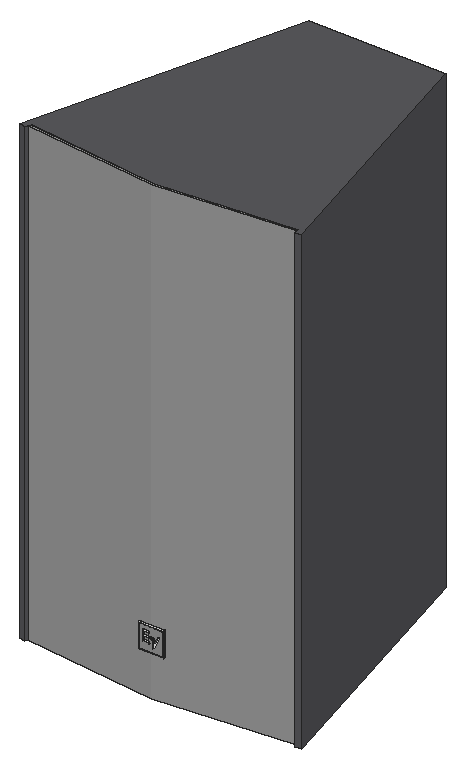
Revit family "EVF-1151S ", category Communication Devices, Revit 2017
Family settings
  Maintain Annotation Orientation = Yes
  Round Connector Dimension = Use Diameter
  Part Type = Normal
  OmniClass Number = 23.85.10.11.11.21
  OmniClass Title = Speakers
  Work Plane-Based = Yes
  Always vertical = Yes
  Cut with Voids When Loaded = No
  Shared = No
  Room Calculation Point = No
Parameters (values of type "EVF1151SBLB_Black_1X15_Subwoofer_System")
  Version = "1"
  Uniclass2015Code = "Pr_60_75_08_02"
  URL = ""
  ProductInformation = "https://www.electrovoice.com/binary/EVF-1151S_Engineering_Data_Sheet.PDF"
  PlanningTools = "https://www.electrovoice.com/product.php?id=962#downloads"
  ModelNumber = "F.01U.272.550"
  Model = ""
  MaterialRALColour = "RAL9004"
  ManufacturerURL = "https://www.electrovoice.com"
  Manufacturer = "Electro Voice"
  LoudspeakerMaterial [instance] = 13-plyWeather-resistantBirchEVCoat -RAL9004
  GrillMaterial [instance] = 16GA Powder-coatedGalvanneal - B
  FrontLength = 469.84 mm  # constant formula
  Default Elevation = 0.00 mm
  CTN = "EVF1151SBLB"
  BackLength = 228.60 mm  # constant formula
  InstallationManual = "https://www.electrovoice.com/binary/EVF-1151S_Engineering_Data_Sheet.PDF"
  IfcExportType = "IfcBuildingElementProxyType"
  IfcExportAs = "IfcBuildingElementProxy"
  Height = 768.55 mm  # constant formula
  Disclaimer = "http://resource.boschsecurity.com/information/BIM/Disclaimer_Electrovoice.pdf"
  Description = "EVS15SB 381mm LF Transducer. 103 dB Sensitivity, 135 dB Maximum SPL. System Rating: 400W Continuous, (1600W Peak). (22) M10 Threaded Suspension Points"
  Depth = 466.57 mm  # constant formula
  ArchitectsAndEngineersSpecs = "https://www.electrovoice.com/binary/EVF-1151S_Engineering_Data_Sheet.PDF"
Reference planes
  plane 1 "Center (Front/Back)": y = 0
  plane 2: z = 0
  plane 3 "Center (Left/Right)": x = 0
Forms (mm)
  Extrusion 1, solid
    sketch origin (-218.808, 253.121, 151.949) x (0, 0, 1) y (0, -1, 0)
      loop
        line (-20.634, 250.621) -> (-5.289, 250.621) -> (-5.289, 253.121) -> (-20.634, 253.121) -> (-20.634, 250.621)
    from 217.781 to 244.634
  Extrusion 2, solid, material "16GA Powder-coatedGalvanneal - B" <- "GrillMaterial", detail levels medium+fine
    sketch origin (-0.165, -226.499, 0) x (1, 0, 0) y (0, 1, 0)
      loop
        line (-222.477, -216.478) -> (-223.774, -221.318)
        arc (-223.774, -221.318) -> (0.165, -243.208) -> (224.104, -221.318) r 1156.427
        line (224.104, -221.318) -> (222.807, -216.478)
        arc (222.807, -216.478) -> (0.165, -238.208) -> (-222.477, -216.478) r 1151.427
    from 0 to 768.55
  Extrusion 3, solid, material "13-plyWeather-resistantBirchEVCoat -RAL9004" <- "LoudspeakerMaterial"
    sketch origin (24.276, -254.036, 0) x (-1, 0, 0) y (0, -1, 0)
      loop
        line (-90.024, -254.036) -> (138.576, -254.036) -> (259.333, 196.636)
        arc (259.333, 196.636) -> (254.425, 197.639) -> (249.512, 198.621) r 1161.427
        line (249.512, 198.621) -> (246.918, 188.94)
        arc (246.918, 188.94) -> (24.276, 210.671) -> (-198.367, 188.94) r 1151.427
        line (-198.367, 188.94) -> (-200.961, 198.621)
        arc (-200.961, 198.621) -> (-205.873, 197.639) -> (-210.781, 196.636) r 1161.427
        line (-210.781, 196.636) -> (-90.024, -254.036)
    from 0 to 768.55
Lines and regions (mm)
  model lines, not visible, detail levels fine
    curve 1: circle (-148.073, 312.274, 0) r 11.11 normal (0, 0, 1)
    curve 2: circle (-148.073, 312.274, 0) r 11.06 normal (0, 0, 1)
    curve 3: circle (-148.073, 312.274, 0) r 8.06 normal (0, 0, 1)
    curve 4: circle (0.015, 265.209, 0) r 11.11 normal (0, 0, 1)
    curve 5: circle (0.015, 265.209, 0) r 11.06 normal (0, 0, 1)
    curve 6: circle (0.015, 265.209, 0) r 8.06 normal (0, 0, 1)
    curve 7: circle (0.015, 37.855, 0) r 11.11 normal (0, 0, 1)
    curve 8: circle (0.015, 37.855, 0) r 11.06 normal (0, 0, 1)
    curve 9: circle (0.015, 37.855, 0) r 8.06 normal (0, 0, 1)
    curve 10: circle (-82.155, 65.035, 0) r 11.11 normal (0, 0, 1)
    curve 11: circle (-82.155, 65.035, 0) r 11.06 normal (0, 0, 1)
    curve 12: circle (-82.155, 65.035, 0) r 8.06 normal (0, 0, 1)
    curve 13: line (-105.991, 7.671, 0) -> (106.016, 7.671, 0)
    curve 41: line (-222.628, 442.966, 0) -> (-105.991, 7.671, 0)
    curve 42: line (222.653, 442.966, 0) -> (106.016, 7.671, 0)
    curve 45: circle (148.098, 312.274, 0) r 11.11 normal (0, 0, -1)
    curve 46: circle (148.098, 312.274, 0) r 11.06 normal (0, 0, -1)
    curve 47: circle (148.098, 312.274, 0) r 8.06 normal (0, 0, -1)
    curve 48: circle (82.179, 65.035, 0) r 11.11 normal (0, 0, -1)
    curve 49: circle (82.179, 65.035, 0) r 11.06 normal (0, 0, -1)
    curve 50: circle (82.179, 65.035, 0) r 8.06 normal (0, 0, -1)
    curve 83: circle (-0.006, -0.043, 728.55) r 12 normal (0, -1, 0)
    curve 84: circle (-0.006, -0.043, 40) r 12 normal (0, -1, 0)
    curve 85: circle (-0.006, -0.043, 40) r 8 normal (0, -1, 0)
    curve 86: circle (-0.006, -0.043, 728.55) r 8 normal (0, -1, 0)
    curve 87: circle (-144.82, -113.904, 728.55) r 12 normal (0.9659, -0.2588, 0)
    curve 88: circle (-144.82, -113.904, 728.55) r 8 normal (0.9659, -0.2588, 0)
    curve 89: circle (-144.82, -113.904, 40) r 12 normal (0.9659, -0.2588, 0)
    curve 90: circle (-144.82, -113.904, 40) r 8 normal (0.9659, -0.2588, 0)
    curve 91: circle (-123.682, -35.016, 659.275) r 6 normal (-0.9659, 0.2588, 0)
    curve 92: circle (-123.682, -35.016, 659.275) r 8 normal (-0.9659, 0.2588, 0)
    curve 93: circle (-123.682, -35.016, 109.275) r 6 normal (0.9659, -0.2588, 0)
    curve 94: circle (-123.682, -35.016, 109.275) r 8 normal (0.9659, -0.2588, 0)
    curve 95: circle (-123.682, -35.016, 296.775) r 6 normal (0.9659, -0.2588, 0)
    curve 96: circle (-123.682, -35.016, 296.775) r 8 normal (0.9659, -0.2588, 0)
    curve 97: circle (-123.682, -35.016, 471.775) r 6 normal (-0.9659, 0.2588, 0)
    curve 98: circle (-123.682, -35.016, 471.775) r 8 normal (-0.9659, 0.2588, 0)
    curve 99: circle (-197.446, -310.305, 728.55) r 12 normal (0.9659, -0.2588, 0)
    curve 100: circle (-197.446, -310.305, 728.55) r 8 normal (0.9659, -0.2588, 0)
    curve 101: circle (-197.446, -310.305, 40) r 12 normal (0.9659, -0.2588, 0)
    curve 102: circle (-197.446, -310.305, 40) r 8 normal (0.9659, -0.2588, 0)
    curve 103: circle (144.82, -113.904, 728.55) r 12 normal (0.9659, 0.2588, 0)
    curve 104: circle (144.82, -113.904, 728.55) r 8 normal (0.9659, 0.2588, 0)
    curve 105: circle (144.82, -113.904, 40) r 12 normal (0.9659, 0.2588, 0)
    curve 106: circle (144.82, -113.904, 40) r 8 normal (0.9659, 0.2588, 0)
    curve 107: circle (123.682, -35.016, 659.275) r 6 normal (-0.9659, -0.2588, 0)
    curve 108: circle (123.682, -35.016, 659.275) r 8 normal (-0.9659, -0.2588, 0)
    curve 109: circle (123.682, -35.016, 109.275) r 6 normal (0.9659, 0.2588, 0)
    curve 110: circle (123.682, -35.016, 109.275) r 8 normal (0.9659, 0.2588, 0)
    curve 111: circle (123.682, -35.016, 296.775) r 6 normal (0.9659, 0.2588, 0)
    curve 112: circle (123.682, -35.016, 296.775) r 8 normal (0.9659, 0.2588, 0)
    curve 113: circle (123.682, -35.016, 471.775) r 6 normal (-0.9659, -0.2588, 0)
    curve 114: circle (123.682, -35.016, 471.775) r 8 normal (-0.9659, -0.2588, 0)
    curve 115: circle (197.446, -310.305, 728.55) r 12 normal (0.9659, 0.2588, 0)
    curve 116: circle (197.446, -310.305, 728.55) r 8 normal (0.9659, 0.2588, 0)
    curve 117: circle (197.446, -310.305, 40) r 12 normal (0.9659, 0.2588, 0)
    curve 118: circle (197.446, -310.305, 40) r 8 normal (0.9659, 0.2588, 0)
  model lines, detail levels fine
    curve 14: circle (-0.006, -0.043, 728.55) r 12 normal (0, -1, 0)
    curve 15: circle (-0.006, -0.043, 40) r 12 normal (0, -1, 0)
    curve 16: circle (-0.006, -0.043, 40) r 8 normal (0, -1, 0)
    curve 17: circle (-0.006, -0.043, 728.55) r 8 normal (0, -1, 0)
    curve 18: circle (-148.086, -312.277, 768.55) r 11.11 normal (0, 0, -1)
    curve 19: circle (-148.086, -312.277, 768.55) r 11.06 normal (0, 0, -1)
    curve 20: circle (-148.086, -312.277, 768.55) r 8.06 normal (0, 0, -1)
    curve 21: circle (0.003, -265.212, 768.55) r 11.11 normal (0, 0, -1)
    curve 22: circle (0.003, -265.212, 768.55) r 11.06 normal (0, 0, -1)
    curve 23: circle (0.003, -265.212, 768.55) r 8.06 normal (0, 0, -1)
    curve 24: circle (0.003, -37.857, 768.55) r 11.11 normal (0, 0, -1)
    curve 25: circle (0.003, -37.857, 768.55) r 11.06 normal (0, 0, -1)
    curve 26: circle (0.003, -37.857, 768.55) r 8.06 normal (0, 0, -1)
    curve 27: circle (-82.167, -65.037, 768.55) r 11.11 normal (0, 0, -1)
    curve 28: circle (-82.167, -65.037, 768.55) r 11.06 normal (0, 0, -1)
    curve 29: circle (-82.167, -65.037, 768.55) r 8.06 normal (0, 0, -1)
    curve 30: line (-106.003, -7.673, 768.55) -> (106.003, -7.673, 768.55)
    curve 31: line (-222.64, -442.968, 768.55) -> (-106.003, -7.673, 768.55)
    curve 32: line (222.64, -442.968, 768.55) -> (106.003, -7.673, 768.55)
    curve 35: circle (148.086, -312.277, 768.55) r 11.11 normal (0, 0, 1)
    curve 36: circle (148.086, -312.277, 768.55) r 11.06 normal (0, 0, 1)
    curve 37: circle (148.086, -312.277, 768.55) r 8.06 normal (0, 0, 1)
    curve 38: circle (82.167, -65.037, 768.55) r 11.11 normal (0, 0, 1)
    curve 39: circle (82.167, -65.037, 768.55) r 11.06 normal (0, 0, 1)
    curve 40: circle (82.167, -65.037, 768.55) r 8.06 normal (0, 0, 1)
    curve 51: circle (-144.82, -113.904, 728.55) r 12 normal (0.9659, -0.2588, 0)
    curve 52: circle (-144.82, -113.904, 728.55) r 8 normal (0.9659, -0.2588, 0)
    curve 53: circle (-144.82, -113.904, 40) r 12 normal (0.9659, -0.2588, 0)
    curve 54: circle (-144.82, -113.904, 40) r 8 normal (0.9659, -0.2588, 0)
    curve 55: circle (-123.682, -35.016, 659.275) r 6 normal (-0.9659, 0.2588, 0)
    curve 56: circle (-123.682, -35.016, 659.275) r 8 normal (-0.9659, 0.2588, 0)
    curve 57: circle (-123.682, -35.016, 109.275) r 6 normal (0.9659, -0.2588, 0)
    curve 58: circle (-123.682, -35.016, 109.275) r 8 normal (0.9659, -0.2588, 0)
    curve 59: circle (-123.682, -35.016, 296.775) r 6 normal (0.9659, -0.2588, 0)
    curve 60: circle (-123.682, -35.016, 296.775) r 8 normal (0.9659, -0.2588, 0)
    curve 61: circle (-123.682, -35.016, 471.775) r 6 normal (-0.9659, 0.2588, 0)
    curve 62: circle (-123.682, -35.016, 471.775) r 8 normal (-0.9659, 0.2588, 0)
    curve 63: circle (-197.446, -310.305, 728.55) r 12 normal (0.9659, -0.2588, 0)
    curve 64: circle (-197.446, -310.305, 728.55) r 8 normal (0.9659, -0.2588, 0)
    curve 65: circle (-197.446, -310.305, 40) r 12 normal (0.9659, -0.2588, 0)
    curve 66: circle (-197.446, -310.305, 40) r 8 normal (0.9659, -0.2588, 0)
    curve 67: circle (144.82, -113.904, 728.55) r 12 normal (0.9659, 0.2588, 0)
    curve 68: circle (144.82, -113.904, 728.55) r 8 normal (0.9659, 0.2588, 0)
    curve 69: circle (144.82, -113.904, 40) r 12 normal (0.9659, 0.2588, 0)
    curve 70: circle (144.82, -113.904, 40) r 8 normal (0.9659, 0.2588, 0)
    curve 71: circle (123.682, -35.016, 659.275) r 6 normal (-0.9659, -0.2588, 0)
    curve 72: circle (123.682, -35.016, 659.275) r 8 normal (-0.9659, -0.2588, 0)
    curve 73: circle (123.682, -35.016, 109.275) r 6 normal (0.9659, 0.2588, 0)
    curve 74: circle (123.682, -35.016, 109.275) r 8 normal (0.9659, 0.2588, 0)
    curve 75: circle (123.682, -35.016, 296.775) r 6 normal (0.9659, 0.2588, 0)
    curve 76: circle (123.682, -35.016, 296.775) r 8 normal (0.9659, 0.2588, 0)
    curve 77: circle (123.682, -35.016, 471.775) r 6 normal (-0.9659, -0.2588, 0)
    curve 78: circle (123.682, -35.016, 471.775) r 8 normal (-0.9659, -0.2588, 0)
    curve 79: circle (197.446, -310.305, 728.55) r 12 normal (0.9659, 0.2588, 0)
    curve 80: circle (197.446, -310.305, 728.55) r 8 normal (0.9659, 0.2588, 0)
    curve 81: circle (197.446, -310.305, 40) r 12 normal (0.9659, 0.2588, 0)
    curve 82: circle (197.446, -310.305, 40) r 8 normal (0.9659, 0.2588, 0)
  model lines, style "InvisibleLines"
    curve 33: line (-114.3, 0, 0) -> (-106.003, -7.673, 0)
    curve 34: line (114.3, 0, 0) -> (106.003, -7.673, 0)
  model lines, style "InvisibleLines", not visible
    curve 43: line (-114.288, -0.002, -768.55) -> (-105.991, 7.671, -768.55)
    curve 44: line (114.312, -0.002, -768.55) -> (106.016, 7.671, -768.55)
  reference lines
    curve 119: line (235.053, -450.047, 0) -> (235.053, -451.047, 0)
    curve 120: line (-234.787, -449.808, 0) -> (-234.787, -450.808, 0)
Dimensions and locks
  locked: Extrusion 3 to Extrusion 3 at 768.55
  "Height": Extrusion 2 to Extrusion 3
  "BackLength": curve 33 to curve 34
  equal spacing: curve 33, plane 3 "Center (Left/Right)", Extrusion 3
  "Depth": Extrusion 3 to curve 33
  "FrontLength": curve 120 to curve 119
  aligned and locked: plane 2 to level
Automatic sketch dimensions
  curve 14 to curve 17 = 0.00 mm  (x4)
  curve 17 to curve 16 = 0.00 mm
  curve 17 to curve 16 = 688.55 mm
  curve 15 to curve 16 = 0.00 mm  (x2)
  Extrusion 1 sketch curve to plane 1 "Center (Front/Back)" = 0.00 mm
  level to Extrusion 1 sketch curve = 131.315 mm
  Extrusion 1 sketch curve to Extrusion 1 sketch curve = 15.346 mm
  Extrusion 1 sketch curve to plane 1 "Center (Front/Back)" = 2.50 mm
  plane 3 "Center (Left/Right)" to Extrusion 2 sketch curve = 0.00 mm
  plane 3 "Center (Left/Right)" to Extrusion 2 sketch curve = 222.642 mm
  Extrusion 2 sketch curve to Extrusion 2 sketch curve = 1.297 mm  (x2)
  plane 1 "Center (Front/Back)" to Extrusion 2 sketch curve = 447.817 mm
  Extrusion 2 sketch curve to Extrusion 2 sketch curve = 0.00 mm  (x3)
  Extrusion 3 sketch curve to Extrusion 3 sketch curve = 0.00 mm  (x4)
  plane 1 "Center (Front/Back)" to Extrusion 3 sketch curve = 0.00 mm
  Extrusion 3 sketch curve to plane 3 "Center (Left/Right)" = 0.00 mm
  plane 3 "Center (Left/Right)" to Extrusion 3 sketch curve = 114.30 mm
  plane 3 "Center (Left/Right)" to Extrusion 3 sketch curve = 222.642 mm
  Extrusion 3 sketch curve to Extrusion 3 sketch curve = 2.594 mm  (x2)
  Extrusion 3 sketch curve to Extrusion 3 sketch curve = 9.821 mm  (x2)
  Extrusion 3 sketch curve to plane 3 "Center (Left/Right)" = 114.30 mm
  plane 1 "Center (Front/Back)" to Extrusion 3 sketch curve = 442.977 mm
  Extrusion 3 sketch curve to Extrusion 3 sketch curve = 7.695 mm  (x2)
  Extrusion 3 sketch curve to plane 3 "Center (Left/Right)" = 222.642 mm
  Extrusion 3 sketch curve to Extrusion 3 sketch curve = 1.985 mm
  Extrusion 2 sketch curve to Extrusion 2 sketch curve = 4.841 mm
  Extrusion 2 sketch curve to plane 1 "Center (Front/Back)" = 686.72 mm
  curve 33 to curve 33 = 8.297 mm
  curve 33 to curve 34 = 212.006 mm
  curve 34 to curve 34 = 8.297 mm
  curve 33 to curve 34 = 0.00 mm
  curve 34 to curve 34 = 7.673 mm
  curve 33 to curve 33 = 7.673 mm
  curve 18 to curve 19 = 0.00 mm  (x3)
  curve 18 to curve 20 = 0.00 mm  (x4)
  curve 19 to curve 20 = 0.00 mm  (x3)
  curve 21 to curve 22 = 0.00 mm  (x4)
  curve 21 to curve 23 = 0.00 mm  (x4)
  curve 24 to curve 25 = 0.00 mm  (x4)
  curve 24 to curve 26 = 0.00 mm  (x4)
  curve 27 to curve 28 = 0.00 mm  (x4)
  curve 27 to curve 29 = 0.00 mm  (x4)
  curve 35 to curve 36 = 0.00 mm  (x4)
  curve 35 to curve 37 = 0.00 mm  (x4)
  curve 38 to curve 39 = 0.00 mm  (x4)
  curve 38 to curve 40 = 0.00 mm  (x4)
  curve 18 to curve 31 = 42.082 mm
  curve 30 to curve 29 = 23.836 mm
  curve 27 to curve 21 = 82.17 mm
  curve 27 to curve 26 = 82.17 mm
  curve 24 to curve 39 = 82.164 mm
  curve 38 to curve 32 = 23.836 mm
  curve 20 to curve 35 = 0.00 mm
  curve 21 to curve 38 = 200.174 mm
  curve 21 to curve 27 = 200.174 mm
  curve 38 to curve 26 = 27.18 mm
  curve 27 to curve 30 = 57.364 mm
  curve 31 to curve 18 = 74.555 mm
  curve 35 to curve 32 = 74.555 mm
  curve 31 to curve 18 = 130.691 mm
  curve 32 to curve 35 = 130.691 mm
  curve 22 to curve 23 = 0.00 mm  (x2)
  curve 25 to curve 26 = 0.00 mm  (x2)
  curve 28 to curve 29 = 0.00 mm  (x2)
  curve 36 to curve 37 = 0.00 mm  (x2)
  curve 39 to curve 40 = 0.00 mm  (x2)
  curve 21 to curve 35 = 148.083 mm
  curve 35 to curve 22 = 47.065 mm
  curve 43 to curve 43 = 8.297 mm
  curve 43 to curve 44 = 212.006 mm
  curve 44 to curve 44 = 8.297 mm
  curve 43 to curve 44 = 0.00 mm
  curve 44 to curve 44 = 7.673 mm
  curve 43 to curve 43 = 7.673 mm
  curve 1 to curve 2 = 0.00 mm  (x3)
  curve 1 to curve 3 = 0.00 mm  (x4)
  curve 2 to curve 3 = 0.00 mm  (x3)
  curve 4 to curve 5 = 0.00 mm  (x4)
  curve 4 to curve 6 = 0.00 mm  (x4)
  curve 7 to curve 8 = 0.00 mm  (x4)
  curve 7 to curve 9 = 0.00 mm  (x4)
  curve 10 to curve 11 = 0.00 mm  (x4)
  curve 10 to curve 12 = 0.00 mm  (x4)
  curve 45 to curve 46 = 0.00 mm  (x4)
  curve 45 to curve 47 = 0.00 mm  (x4)
  curve 48 to curve 49 = 0.00 mm  (x4)
  curve 48 to curve 50 = 0.00 mm  (x4)
  curve 1 to curve 41 = 42.082 mm
  curve 13 to curve 12 = 23.836 mm
  curve 10 to curve 4 = 82.17 mm
  curve 10 to curve 9 = 82.17 mm
  curve 7 to curve 49 = 82.164 mm
  curve 48 to curve 42 = 23.836 mm
  curve 3 to curve 45 = 0.00 mm
  curve 48 to curve 4 = 200.174 mm
  curve 10 to curve 4 = 200.174 mm
  curve 9 to curve 48 = 27.18 mm
  curve 13 to curve 10 = 57.364 mm
  curve 41 to curve 1 = 74.555 mm
  curve 45 to curve 42 = 74.555 mm
  curve 1 to curve 41 = 130.691 mm
  curve 45 to curve 42 = 130.691 mm
  curve 5 to curve 6 = 0.00 mm  (x2)
  curve 8 to curve 9 = 0.00 mm  (x2)
  curve 11 to curve 12 = 0.00 mm  (x2)
  curve 46 to curve 47 = 0.00 mm  (x2)
  curve 49 to curve 50 = 0.00 mm  (x2)
  curve 4 to curve 45 = 148.083 mm
  curve 5 to curve 45 = 47.065 mm
  curve 51 to curve 52 = 0.00 mm  (x2)
  curve 53 to curve 54 = 0.00 mm  (x2)
  curve 55 to curve 56 = 0.00 mm  (x2)
  curve 57 to curve 58 = 0.00 mm  (x2)
  curve 59 to curve 60 = 0.00 mm  (x2)
  curve 61 to curve 62 = 0.00 mm  (x2)
  curve 63 to curve 64 = 0.00 mm  (x2)
  curve 65 to curve 66 = 0.00 mm  (x2)
  curve 65 to curve 63 = 0.00 mm
  curve 66 to curve 54 = 203.329 mm
  curve 64 to curve 52 = 203.329 mm
  curve 54 to curve 60 = 81.671 mm
  curve 61 to curve 59 = 0.00 mm
  curve 54 to curve 57 = 81.671 mm
  curve 52 to curve 56 = 81.671 mm
  curve 64 to curve 51 = 0.00 mm
  curve 52 to curve 56 = 69.275 mm
  curve 55 to curve 61 = 187.50 mm
  curve 61 to curve 59 = 175.00 mm
  curve 59 to curve 57 = 187.50 mm
  curve 57 to curve 53 = 69.275 mm
  curve 65 to curve 53 = 0.00 mm
  curve 67 to curve 68 = 0.00 mm  (x2)
  curve 69 to curve 70 = 0.00 mm  (x2)
  curve 71 to curve 72 = 0.00 mm  (x2)
  curve 73 to curve 74 = 0.00 mm  (x2)
  curve 75 to curve 76 = 0.00 mm  (x2)
  curve 77 to curve 78 = 0.00 mm  (x2)
  curve 79 to curve 80 = 0.00 mm  (x2)
  curve 81 to curve 82 = 0.00 mm  (x2)
  curve 81 to curve 79 = 0.00 mm
  curve 82 to curve 70 = 203.329 mm
  curve 80 to curve 68 = 203.329 mm
  curve 70 to curve 76 = 81.671 mm
  curve 77 to curve 75 = 0.00 mm
  curve 70 to curve 73 = 81.671 mm
  curve 68 to curve 72 = 81.671 mm
  curve 69 to curve 82 = 0.00 mm
  curve 70 to curve 73 = 69.275 mm
  curve 73 to curve 75 = 187.50 mm
  curve 75 to curve 77 = 175.00 mm
  curve 77 to curve 71 = 187.50 mm
  curve 71 to curve 80 = 69.275 mm
  curve 71 to curve 68 = 69.275 mm
  curve 83 to curve 86 = 0.00 mm  (x4)
  curve 86 to curve 85 = 0.00 mm
  curve 86 to curve 85 = 688.55 mm
  curve 84 to curve 85 = 0.00 mm  (x2)
  curve 87 to curve 88 = 0.00 mm  (x2)
  curve 89 to curve 90 = 0.00 mm  (x2)
  curve 91 to curve 92 = 0.00 mm  (x2)
  curve 93 to curve 94 = 0.00 mm  (x2)
  curve 95 to curve 96 = 0.00 mm  (x2)
  curve 97 to curve 98 = 0.00 mm  (x2)
  curve 99 to curve 100 = 0.00 mm  (x2)
  curve 101 to curve 102 = 0.00 mm  (x2)
  curve 101 to curve 99 = 0.00 mm
  curve 102 to curve 90 = 203.329 mm
  curve 100 to curve 88 = 203.329 mm
  curve 90 to curve 96 = 81.671 mm
  curve 97 to curve 95 = 0.00 mm
  curve 90 to curve 93 = 81.671 mm
  curve 88 to curve 92 = 81.671 mm
  curve 100 to curve 87 = 0.00 mm
  curve 88 to curve 92 = 69.275 mm
  curve 91 to curve 97 = 187.50 mm
  curve 97 to curve 95 = 175.00 mm
  curve 95 to curve 93 = 187.50 mm
  curve 93 to curve 89 = 69.275 mm
  curve 101 to curve 89 = 0.00 mm
  curve 103 to curve 104 = 0.00 mm  (x2)
  curve 105 to curve 106 = 0.00 mm  (x2)
  curve 107 to curve 108 = 0.00 mm  (x2)
  curve 109 to curve 110 = 0.00 mm  (x2)
  curve 111 to curve 112 = 0.00 mm  (x2)
  curve 113 to curve 114 = 0.00 mm  (x2)
  curve 115 to curve 116 = 0.00 mm  (x2)
  curve 117 to curve 118 = 0.00 mm  (x2)
  curve 117 to curve 115 = 0.00 mm
  curve 118 to curve 106 = 203.329 mm
  curve 116 to curve 104 = 203.329 mm
  curve 106 to curve 112 = 81.671 mm
  curve 113 to curve 111 = 0.00 mm
  curve 106 to curve 109 = 81.671 mm
  curve 104 to curve 108 = 81.671 mm
  curve 105 to curve 118 = 0.00 mm
  curve 106 to curve 109 = 69.275 mm
  curve 109 to curve 111 = 187.50 mm
  curve 111 to curve 113 = 175.00 mm
  curve 113 to curve 107 = 187.50 mm
  curve 107 to curve 116 = 69.275 mm
  curve 107 to curve 104 = 69.275 mm
  plane 1 "Center (Front/Back)" to curve 119 = 451.047 mm
  curve 119 to curve 119 = 1.00 mm
  curve 120 to plane 3 "Center (Left/Right)" = 234.787 mm
  plane 1 "Center (Front/Back)" to curve 120 = 450.808 mm
  curve 120 to curve 120 = 1.00 mm
  radius of curve 17 = 8.00 mm
  radius of curve 14 = 12.00 mm
  radius of curve 16 = 8.00 mm
  radius of curve 15 = 12.00 mm
  radius of curve 18 = 11.11 mm
  radius of curve 19 = 11.06 mm
  radius of curve 20 = 8.06 mm
  radius of curve 21 = 11.11 mm
  radius of curve 22 = 11.06 mm
  radius of curve 23 = 8.06 mm
  radius of curve 24 = 11.11 mm
  radius of curve 25 = 11.06 mm
  radius of curve 26 = 8.06 mm
  radius of curve 27 = 11.11 mm
  radius of curve 28 = 11.06 mm
  radius of curve 29 = 8.06 mm
  radius of curve 35 = 11.11 mm
  radius of curve 36 = 11.06 mm
  radius of curve 37 = 8.06 mm
  radius of curve 38 = 11.11 mm
  radius of curve 39 = 11.06 mm
  radius of curve 40 = 8.06 mm
  radius of curve 1 = 11.11 mm
  radius of curve 2 = 11.06 mm
  radius of curve 3 = 8.06 mm
  radius of curve 4 = 11.11 mm
  radius of curve 5 = 11.06 mm
  radius of curve 6 = 8.06 mm
  radius of curve 7 = 11.11 mm
  radius of curve 8 = 11.06 mm
  radius of curve 9 = 8.06 mm
  radius of curve 10 = 11.11 mm
  radius of curve 11 = 11.06 mm
  radius of curve 12 = 8.06 mm
  radius of curve 45 = 11.11 mm
  radius of curve 46 = 11.06 mm
  radius of curve 47 = 8.06 mm
  radius of curve 48 = 11.11 mm
  radius of curve 49 = 11.06 mm
  radius of curve 50 = 8.06 mm
  radius of curve 51 = 12.00 mm
  radius of curve 52 = 8.00 mm
  radius of curve 53 = 12.00 mm
  radius of curve 54 = 8.00 mm
  radius of curve 55 = 6.00 mm
  radius of curve 56 = 8.00 mm
  radius of curve 57 = 6.00 mm
  radius of curve 58 = 8.00 mm
  radius of curve 59 = 6.00 mm
  radius of curve 60 = 8.00 mm
  radius of curve 61 = 6.00 mm
  radius of curve 62 = 8.00 mm
  radius of curve 63 = 12.00 mm
  radius of curve 64 = 8.00 mm
  radius of curve 65 = 12.00 mm
  radius of curve 66 = 8.00 mm
  radius of curve 67 = 12.00 mm
  radius of curve 68 = 8.00 mm
  radius of curve 69 = 12.00 mm
  radius of curve 70 = 8.00 mm
  radius of curve 71 = 6.00 mm
  radius of curve 72 = 8.00 mm
  radius of curve 73 = 6.00 mm
  radius of curve 74 = 8.00 mm
  radius of curve 75 = 6.00 mm
  radius of curve 76 = 8.00 mm
  radius of curve 77 = 6.00 mm
  radius of curve 78 = 8.00 mm
  radius of curve 79 = 12.00 mm
  radius of curve 80 = 8.00 mm
  radius of curve 81 = 12.00 mm
  radius of curve 82 = 8.00 mm
  radius of curve 86 = 8.00 mm
  radius of curve 83 = 12.00 mm
  radius of curve 85 = 8.00 mm
  radius of curve 84 = 12.00 mm
  radius of curve 87 = 12.00 mm
  radius of curve 88 = 8.00 mm
  radius of curve 89 = 12.00 mm
  radius of curve 90 = 8.00 mm
  radius of curve 91 = 6.00 mm
  radius of curve 92 = 8.00 mm
  radius of curve 93 = 6.00 mm
  radius of curve 94 = 8.00 mm
  radius of curve 95 = 6.00 mm
  radius of curve 96 = 8.00 mm
  radius of curve 97 = 6.00 mm
  radius of curve 98 = 8.00 mm
  radius of curve 99 = 12.00 mm
  radius of curve 100 = 8.00 mm
  radius of curve 101 = 12.00 mm
  radius of curve 102 = 8.00 mm
  radius of curve 103 = 12.00 mm
  radius of curve 104 = 8.00 mm
  radius of curve 105 = 12.00 mm
  radius of curve 106 = 8.00 mm
  radius of curve 107 = 6.00 mm
  radius of curve 108 = 8.00 mm
  radius of curve 109 = 6.00 mm
  radius of curve 110 = 8.00 mm
  radius of curve 111 = 6.00 mm
  radius of curve 112 = 8.00 mm
  radius of curve 113 = 6.00 mm
  radius of curve 114 = 8.00 mm
  radius of curve 115 = 12.00 mm
  radius of curve 116 = 8.00 mm
  radius of curve 117 = 12.00 mm
  radius of curve 118 = 8.00 mm
Nested families
  nested 1: "InputPanelV" at (0.031, 0.022, 51.922), LoudspeakerMaterial <- "LoudspeakerMaterial", type "InputPanelV", detail levels medium+fine
    with LoudspeakerMaterial 13-plyWeather-resistantBirchEVCoat -RAL9004
  nested 2: "L-EV" at (0, -469.455, 88.55), type "L-EV", detail levels medium+fine
Connectors
  electrical at (12.4, 2.5, 138.988)
    settings: on Extrusion 1, index 2, voltage 0 V, apparent load 0 VA, apparent load phase1 0 VA, apparent load phase2 0 VA, apparent load phase3 0 VA, power factor 1, load classification "Other", number of poles 1, system type 31, power factor state 1, is connector primary yes, connector utility no, sub classification motor no, connector description ""
Definition of nested family "InputPanelV"
  Parameters (values of type "InputPanelV")
    Material = "RAL9004"
    LoudspeakerMaterial [instance] = none
    Default Elevation = 1219.20 mm
  Reference planes
    plane 1 "Center (Front/Back)": y = 0
    plane 2: z = 0
    plane 3 "Center (Left/Right)": x = 0
  Forms (mm)
    Extrusion 1, solid, material <- "LoudspeakerMaterial", not visible
      sketch origin (-134.089, -0.5, 42.57) x (0, 0, -1) y (1, 0, 0)
        loop
          arc (-236.652, 198.043) -> (-237.266, 197.789) -> (-237.521, 197.174) r 0.869
          line (-237.521, 197.174) -> (-237.521, 70.264)
          arc (-237.521, 70.264) -> (-237.266, 69.649) -> (-236.652, 69.395) r 0.869
          line (-236.652, 69.395) -> (41.701, 69.395)
          arc (41.701, 69.395) -> (42.316, 69.649) -> (42.57, 70.264) r 0.869
          line (42.57, 70.264) -> (42.57, 197.174)
          arc (42.57, 197.174) -> (42.316, 197.789) -> (41.701, 198.043) r 0.869
          line (41.701, 198.043) -> (-236.652, 198.043)
      from 0 to -0.5
    Extrusion 2, solid, material <- "LoudspeakerMaterial", detail levels medium+fine
      sketch origin (-61.076, 0, 141.306) x (0, 0, -1) y (1, 0, 0)
        loop
          line (134.909, 125.031) -> (-132.479, 125.031)
          arc (-132.479, 125.031) -> (-136.938, 123.184) -> (-138.785, 118.724) r 6.306
          line (-138.785, 118.724) -> (-138.785, 2.656)
          arc (-138.785, 2.656) -> (-137.145, -1.571) -> (-133.106, -3.618) r 6.306
          line (-133.106, -3.618) -> (134.923, -3.618)
          arc (134.923, -3.618) -> (139.382, -1.771) -> (141.229, 2.689) r 6.306
          line (141.229, 2.689) -> (141.215, 118.725)
          arc (141.215, 118.725) -> (139.367, 123.184) -> (134.909, 125.031) r 6.306
        loop
          line (-32, 109) -> (-119, 109)
          arc (-119, 109) -> (-122.536, 107.536) -> (-124, 104) r 5
          line (-124, 104) -> (-124, 18.073)
          arc (-124, 18.073) -> (-122.536, 14.537) -> (-119, 13.073) r 5
          line (-119, 13.073) -> (-32, 13.068)
          arc (-32, 13.068) -> (-28.464, 14.537) -> (-27, 18.073) r 5
          line (-27, 18.073) -> (-27, 104)
          arc (-27, 104) -> (-28.464, 107.536) -> (-32, 109) r 5
        loop
          line (121.931, 109) -> (-17.996, 109)
          arc (-17.996, 109) -> (-21.532, 107.536) -> (-22.996, 104) r 5
          line (-22.996, 104) -> (-22.996, 18.073)
          arc (-22.996, 18.073) -> (-21.532, 14.537) -> (-17.996, 13.073) r 5
          line (-17.996, 13.073) -> (121.931, 13.068)
          arc (121.931, 13.068) -> (125.466, 14.537) -> (126.931, 18.073) r 5
          line (126.931, 18.073) -> (126.931, 104)
          arc (126.931, 104) -> (125.466, 107.536) -> (121.931, 109) r 5
        loop
          circle (-131.217, 117.431) r 2.623
        loop
          circle (-43.03, 117.431) r 2.623
        loop
          circle (45.408, 117.431) r 2.623
        loop
          circle (133.136, 117.431) r 2.623
        loop
          circle (-131.469, 3.695) r 2.623
        loop
          circle (-43.281, 3.695) r 2.623
        loop
          circle (45.157, 3.695) r 2.623
        loop
          circle (132.885, 3.695) r 2.623
      from 0 to 10
    Extrusion 3, solid, material <- "LoudspeakerMaterial", detail levels fine
      sketch origin (-61.076, 0, 141.306) x (0, 0, -1) y (1, 0, 0)
        loop
          arc (-17.996, 109) -> (-21.532, 107.536) -> (-22.996, 104) r 5
          line (-22.996, 104) -> (-22.996, 18.073)
          arc (-22.996, 18.073) -> (-21.53, 14.535) -> (-17.996, 13.068) r 5
          line (-17.996, 13.068) -> (121.931, 13.073)
          arc (121.931, 13.073) -> (125.466, 14.537) -> (126.931, 18.073) r 5
          line (126.931, 18.073) -> (126.931, 104)
          arc (126.931, 104) -> (125.466, 107.536) -> (121.931, 109) r 5
          line (121.931, 109) -> (-17.996, 109)
        loop
          line (54.039, 97.778) -> (-7.991, 97.77)
          arc (-7.991, 97.77) -> (-8.799, 96.096) -> (-10.285, 94.977) r 3.948
          line (-10.285, 94.977) -> (-10.277, 26.4)
          arc (-10.277, 26.4) -> (-8.791, 25.282) -> (-7.981, 23.608) r 3.948
          line (-7.981, 23.608) -> (54.048, 23.615)
          arc (54.048, 23.615) -> (57.907, 26.731) -> (61.766, 23.616) r 3.948
          line (61.766, 23.616) -> (111.183, 23.622)
          arc (111.183, 23.622) -> (111.992, 25.297) -> (113.478, 26.415) r 3.948
          line (113.478, 26.415) -> (113.47, 94.993)
          arc (113.47, 94.993) -> (111.984, 96.11) -> (111.174, 97.785) r 3.948
          line (111.174, 97.785) -> (61.757, 97.779)
          arc (61.757, 97.779) -> (57.899, 94.663) -> (54.039, 97.778) r 3.948
        loop
          circle (57.898, 98.611) r 1.593
        loop
          circle (57.898, 22.673) r 1.593
        loop
          circle (114.809, 98.611) r 1.593
        loop
          circle (114.809, 22.673) r 1.593
        loop
          circle (-11.512, 98.611) r 1.593
        loop
          circle (-11.512, 22.673) r 1.593
      from 7.5 to 5
    Extrusion 4, solid, material <- "LoudspeakerMaterial", detail levels fine
      sketch origin (-61.076, -5, 141.306) x (0, 0, -1) y (1, 0, 0)
        loop
          arc (-136.087, 111.908) -> (-136.669, 111.554) -> (-136.853, 110.898) r 0.929
          line (-136.853, 110.898) -> (-130.706, 110.884)
          arc (-130.706, 110.884) -> (-126.61, 112.865) -> (-124.668, 116.98) r 6.83
          line (-124.668, 116.98) -> (-124.689, 123.07)
          arc (-124.689, 123.07) -> (-125.343, 122.884) -> (-125.696, 122.302) r 0.93
          line (-125.696, 122.302) -> (-125.681, 117.428)
          arc (-125.681, 117.428) -> (-127.297, 113.511) -> (-131.213, 111.895) r 5.516
          line (-131.213, 111.895) -> (-136.087, 111.908)
        loop
          line (-136.087, 9.439) -> (-131.213, 9.451)
          arc (-131.213, 9.451) -> (-127.297, 7.835) -> (-125.681, 3.918) r 5.516
          line (-125.681, 3.918) -> (-125.696, -0.955)
          arc (-125.696, -0.955) -> (-125.343, -1.537) -> (-124.689, -1.723) r 0.93
          line (-124.689, -1.723) -> (-124.668, 4.366)
          arc (-124.668, 4.366) -> (-126.61, 8.481) -> (-130.706, 10.463) r 6.83
          line (-130.706, 10.463) -> (-136.853, 10.449)
          arc (-136.853, 10.449) -> (-136.669, 9.793) -> (-136.087, 9.439) r 0.929
        loop
          line (138.516, 111.908) -> (133.643, 111.895)
          arc (133.643, 111.895) -> (129.726, 113.511) -> (128.11, 117.428) r 5.516
          line (128.11, 117.428) -> (128.125, 122.302)
          arc (128.125, 122.302) -> (127.773, 122.884) -> (127.118, 123.07) r 0.93
          line (127.118, 123.07) -> (127.098, 116.98)
          arc (127.098, 116.98) -> (129.04, 112.865) -> (133.136, 110.884) r 6.83
          line (133.136, 110.884) -> (139.283, 110.898)
          arc (139.283, 110.898) -> (139.098, 111.554) -> (138.516, 111.908) r 0.929
        loop
          arc (138.516, 9.439) -> (139.098, 9.793) -> (139.283, 10.449) r 0.929
          line (139.283, 10.449) -> (133.136, 10.463)
          arc (133.136, 10.463) -> (129.04, 8.481) -> (127.098, 4.366) r 6.83
          line (127.098, 4.366) -> (127.118, -1.723)
          arc (127.118, -1.723) -> (127.773, -1.537) -> (128.125, -0.955) r 0.93
          line (128.125, -0.955) -> (128.11, 3.918)
          arc (128.11, 3.918) -> (129.726, 7.835) -> (133.643, 9.451) r 5.516
          line (133.643, 9.451) -> (138.516, 9.439)
      from 6 to 5
    Extrusion 5, solid, material <- "LoudspeakerMaterial"
      sketch origin (-61.076, 0, 141.306) x (0, 0, -1) y (1, 0, 0)
        loop
          line (-138.785, 125.031) -> (-138.785, -3.618) -> (141.23, -3.618) -> (141.214, 125.031) -> (-138.785, 125.031)
      from 0 to 4.337
  Lines and regions (mm)
    model lines, not visible
      curve 1: arc (59.415, -9.5, 70.232) -> (59.756, -9.5, 68.636) -> (60.858, -9.5, 67.432) r 3.109
      curve 2: arc (59.414, -9.5, 82.845) -> (59.754, -9.5, 81.249) -> (60.857, -9.5, 80.045) r 3.109
      curve 3: arc (59.417, -9.5, 63.926) -> (59.752, -9.5, 62.34) -> (60.84, -9.5, 61.139) r 3.108
      curve 4: arc (59.415, -9.5, 76.539) -> (59.75, -9.5, 74.953) -> (60.838, -9.5, 73.752) r 3.108
      curve 5: arc (60.711, -9.5, 72.945) -> (59.72, -9.5, 71.753) -> (59.414, -9.5, 70.232) r 3.166
      curve 6: arc (60.71, -9.5, 85.557) -> (59.718, -9.5, 84.365) -> (59.412, -9.5, 82.845) r 3.166
      curve 7: arc (60.712, -9.5, 66.637) -> (59.721, -9.5, 65.445) -> (59.415, -9.5, 63.926) r 3.165
      curve 8: arc (60.71, -9.5, 79.25) -> (59.72, -9.5, 78.058) -> (59.414, -9.5, 76.539) r 3.165
      curve 9: arc (59.062, -9.5, 76.539) -> (58.721, -9.5, 78.135) -> (57.618, -9.5, 79.339) r 3.109
      curve 10: arc (59.063, -9.5, 63.926) -> (58.723, -9.5, 65.522) -> (57.62, -9.5, 66.726) r 3.109
      curve 11: arc (59.06, -9.5, 82.845) -> (58.725, -9.5, 84.431) -> (57.637, -9.5, 85.632) r 3.108
      curve 12: arc (59.062, -9.5, 70.232) -> (58.726, -9.5, 71.818) -> (57.638, -9.5, 73.019) r 3.108
      curve 13: arc (57.765, -9.5, 73.826) -> (58.757, -9.5, 75.018) -> (59.063, -9.5, 76.539) r 3.166
      curve 14: arc (57.767, -9.5, 61.214) -> (58.758, -9.5, 62.406) -> (59.065, -9.5, 63.926) r 3.166
      curve 15: arc (57.765, -9.5, 80.134) -> (58.756, -9.5, 81.326) -> (59.062, -9.5, 82.845) r 3.165
      curve 16: arc (57.767, -9.5, 67.521) -> (58.757, -9.5, 68.713) -> (59.063, -9.5, 70.232) r 3.165
      curve 17: arc (62.678, -9.5, 67.687) -> (63.752, -9.5, 68.757) -> (64.103, -9.5, 70.233) r 2.775
      curve 18: arc (63.369, -9.5, 67.367) -> (64.444, -9.5, 68.62) -> (64.794, -9.5, 70.233) r 3.371
      curve 19: arc (62.678, -9.5, 67.687) -> (62.999, -9.5, 67.474) -> (63.369, -9.5, 67.367) r 1.273
      curve 20: arc (62.676, -9.5, 80.299) -> (63.75, -9.5, 81.37) -> (64.101, -9.5, 82.846) r 2.775
      curve 21: arc (63.368, -9.5, 79.98) -> (64.442, -9.5, 81.233) -> (64.793, -9.5, 82.846) r 3.371
      curve 22: arc (62.676, -9.5, 80.299) -> (62.998, -9.5, 80.087) -> (63.368, -9.5, 79.98) r 1.273
      curve 23: arc (62.679, -9.5, 61.381) -> (63.752, -9.5, 62.452) -> (64.103, -9.5, 63.927) r 2.774
      curve 24: arc (63.37, -9.5, 61.062) -> (64.444, -9.5, 62.315) -> (64.794, -9.5, 63.927) r 3.37
      curve 25: arc (62.679, -9.5, 61.381) -> (63, -9.5, 61.169) -> (63.37, -9.5, 61.062) r 1.273
      curve 26: arc (62.677, -9.5, 73.994) -> (63.751, -9.5, 75.064) -> (64.101, -9.5, 76.539) r 2.774
      curve 27: arc (63.369, -9.5, 73.675) -> (64.442, -9.5, 74.927) -> (64.793, -9.5, 76.539) r 3.37
      curve 28: arc (62.677, -9.5, 73.994) -> (62.998, -9.5, 73.781) -> (63.369, -9.5, 73.675) r 1.273
      curve 29: arc (64.103, -9.5, 70.233) -> (63.752, -9.5, 71.708) -> (62.677, -9.5, 72.779) r 2.775
      curve 30: arc (63.369, -9.5, 73.098) -> (62.999, -9.5, 72.992) -> (62.677, -9.5, 72.779) r 1.273
      curve 31: arc (64.794, -9.5, 70.233) -> (64.443, -9.5, 71.846) -> (63.369, -9.5, 73.098) r 3.371
      curve 32: arc (64.101, -9.5, 82.846) -> (63.75, -9.5, 84.321) -> (62.676, -9.5, 85.392) r 2.775
      curve 33: arc (63.367, -9.5, 85.711) -> (62.997, -9.5, 85.604) -> (62.676, -9.5, 85.392) r 1.273
      curve 34: arc (64.793, -9.5, 82.846) -> (64.442, -9.5, 84.458) -> (63.367, -9.5, 85.711) r 3.371
      curve 35: arc (64.103, -9.5, 63.927) -> (63.752, -9.5, 65.401) -> (62.678, -9.5, 66.472) r 2.774
      curve 36: arc (63.37, -9.5, 66.791) -> (62.999, -9.5, 66.684) -> (62.678, -9.5, 66.472) r 1.273
      curve 37: arc (64.794, -9.5, 63.927) -> (64.444, -9.5, 65.539) -> (63.37, -9.5, 66.791) r 3.37
      curve 38: arc (64.101, -9.5, 76.539) -> (63.75, -9.5, 78.014) -> (62.676, -9.5, 79.084) r 2.774
      curve 39: arc (63.368, -9.5, 79.404) -> (62.998, -9.5, 79.297) -> (62.676, -9.5, 79.084) r 1.273
      curve 40: arc (64.793, -9.5, 76.539) -> (64.442, -9.5, 78.151) -> (63.368, -9.5, 79.404) r 3.37
      curve 41: arc (59.627, -9.5, 63.926) -> (59.978, -9.5, 62.451) -> (61.052, -9.5, 61.381) r 2.774
      curve 42: arc (61.051, -9.5, 66.471) -> (59.977, -9.5, 65.401) -> (59.627, -9.5, 63.926) r 2.774
      curve 43: arc (59.625, -9.5, 70.232) -> (59.976, -9.5, 68.757) -> (61.051, -9.5, 67.686) r 2.775
      curve 44: arc (61.05, -9.5, 72.779) -> (59.976, -9.5, 71.708) -> (59.625, -9.5, 70.232) r 2.775
      curve 45: arc (59.625, -9.5, 76.539) -> (59.976, -9.5, 75.064) -> (61.05, -9.5, 73.994) r 2.774
      curve 46: arc (61.049, -9.5, 79.084) -> (59.976, -9.5, 78.014) -> (59.625, -9.5, 76.539) r 2.774
      curve 47: arc (59.624, -9.5, 82.845) -> (59.975, -9.5, 81.37) -> (61.049, -9.5, 80.299) r 2.775
      curve 48: arc (61.049, -9.5, 85.391) -> (59.975, -9.5, 84.321) -> (59.624, -9.5, 82.845) r 2.775
      curve 49: arc (65.487, -9.5, 67.368) -> (66.537, -9.5, 68.57) -> (66.91, -9.5, 70.123) r 3.348
      curve 50: arc (65.485, -9.5, 79.98) -> (66.535, -9.5, 81.183) -> (66.909, -9.5, 82.735) r 3.348
      curve 51: arc (66.91, -9.5, 70.344) -> (66.536, -9.5, 71.896) -> (65.486, -9.5, 73.099) r 3.348
      curve 52: arc (66.909, -9.5, 82.956) -> (66.535, -9.5, 84.509) -> (65.485, -9.5, 85.711) r 3.348
      curve 53: arc (65.488, -9.5, 61.062) -> (66.543, -9.5, 62.278) -> (66.911, -9.5, 63.846) r 3.353
      curve 54: arc (65.486, -9.5, 73.675) -> (66.542, -9.5, 74.891) -> (66.909, -9.5, 76.458) r 3.353
      curve 55: arc (66.911, -9.5, 64.008) -> (66.543, -9.5, 65.576) -> (65.487, -9.5, 66.791) r 3.353
      curve 56: arc (66.909, -9.5, 76.621) -> (66.542, -9.5, 78.189) -> (65.485, -9.5, 79.404) r 3.353
      curve 57: arc (61.368, -9.5, 70.233) -> (61.701, -9.5, 68.86) -> (62.728, -9.5, 67.892) r 2.482
      curve 58: arc (61.369, -9.5, 63.926) -> (61.702, -9.5, 62.554) -> (62.729, -9.5, 61.585) r 2.482
      curve 59: arc (61.777, -9.5, 65.419) -> (61.47, -9.5, 64.701) -> (61.369, -9.5, 63.926) r 2.857
      curve 60: arc (62.453, -9.5, 65.577) -> (62.398, -9.5, 65.499) -> (62.347, -9.5, 65.419) r 2.446
      curve 61: arc (61.777, -9.5, 71.725) -> (61.469, -9.5, 71.007) -> (61.368, -9.5, 70.233) r 2.857
      curve 62: arc (62.452, -9.5, 71.883) -> (62.398, -9.5, 71.805) -> (62.346, -9.5, 71.725) r 2.446
      curve 63: arc (61.367, -9.5, 76.539) -> (61.7, -9.5, 75.167) -> (62.727, -9.5, 74.198) r 2.482
      curve 64: arc (61.367, -9.5, 82.845) -> (61.699, -9.5, 81.473) -> (62.727, -9.5, 80.504) r 2.482
      curve 65: arc (61.776, -9.5, 78.031) -> (61.469, -9.5, 77.313) -> (61.367, -9.5, 76.539) r 2.857
      curve 66: arc (62.452, -9.5, 78.19) -> (62.397, -9.5, 78.112) -> (62.345, -9.5, 78.032) r 2.446
      curve 67: arc (61.775, -9.5, 84.338) -> (61.468, -9.5, 83.62) -> (61.367, -9.5, 82.845) r 2.857
      curve 68: arc (62.451, -9.5, 84.496) -> (62.396, -9.5, 84.418) -> (62.345, -9.5, 84.338) r 2.446
      curve 69: arc (55.799, -9.5, 79.084) -> (54.725, -9.5, 78.014) -> (54.374, -9.5, 76.538) r 2.775
      curve 70: arc (55.107, -9.5, 79.404) -> (54.033, -9.5, 78.151) -> (53.682, -9.5, 76.538) r 3.371
      curve 71: arc (55.799, -9.5, 79.084) -> (55.478, -9.5, 79.297) -> (55.107, -9.5, 79.404) r 1.273
      curve 72: arc (55.8, -9.5, 66.472) -> (54.726, -9.5, 65.401) -> (54.376, -9.5, 63.925) r 2.775
      curve 73: arc (55.109, -9.5, 66.791) -> (54.035, -9.5, 65.538) -> (53.684, -9.5, 63.925) r 3.371
      curve 74: arc (55.8, -9.5, 66.472) -> (55.479, -9.5, 66.684) -> (55.109, -9.5, 66.791) r 1.273
      curve 75: arc (55.798, -9.5, 85.39) -> (54.725, -9.5, 84.319) -> (54.374, -9.5, 82.844) r 2.774
      curve 76: arc (55.107, -9.5, 85.709) -> (54.033, -9.5, 84.456) -> (53.682, -9.5, 82.844) r 3.37
      curve 77: arc (55.798, -9.5, 85.39) -> (55.477, -9.5, 85.602) -> (55.107, -9.5, 85.709) r 1.273
      curve 78: arc (55.8, -9.5, 72.777) -> (54.726, -9.5, 71.707) -> (54.376, -9.5, 70.232) r 2.774
      curve 79: arc (55.108, -9.5, 73.096) -> (54.034, -9.5, 71.844) -> (53.684, -9.5, 70.232) r 3.37
      curve 80: arc (55.8, -9.5, 72.777) -> (55.478, -9.5, 72.99) -> (55.108, -9.5, 73.096) r 1.273
      curve 81: arc (54.374, -9.5, 76.538) -> (54.725, -9.5, 75.063) -> (55.8, -9.5, 73.992) r 2.775
      curve 82: arc (55.108, -9.5, 73.673) -> (55.478, -9.5, 73.779) -> (55.8, -9.5, 73.992) r 1.273
      curve 83: arc (53.682, -9.5, 76.538) -> (54.033, -9.5, 74.925) -> (55.108, -9.5, 73.673) r 3.371
      curve 84: arc (54.376, -9.5, 63.925) -> (54.727, -9.5, 62.45) -> (55.801, -9.5, 61.379) r 2.775
      curve 85: arc (55.11, -9.5, 61.06) -> (55.48, -9.5, 61.167) -> (55.801, -9.5, 61.379) r 1.273
      curve 86: arc (53.684, -9.5, 63.925) -> (54.035, -9.5, 62.313) -> (55.11, -9.5, 61.06) r 3.371
      curve 87: arc (54.374, -9.5, 82.844) -> (54.725, -9.5, 81.369) -> (55.799, -9.5, 80.299) r 2.774
      curve 88: arc (55.107, -9.5, 79.98) -> (55.477, -9.5, 80.087) -> (55.799, -9.5, 80.299) r 1.273
      curve 89: arc (53.682, -9.5, 82.844) -> (54.033, -9.5, 81.232) -> (55.107, -9.5, 79.98) r 3.37
      curve 90: arc (54.376, -9.5, 70.232) -> (54.726, -9.5, 68.757) -> (55.8, -9.5, 67.687) r 2.774
      curve 91: arc (55.109, -9.5, 67.367) -> (55.479, -9.5, 67.474) -> (55.8, -9.5, 67.687) r 1.273
      curve 92: arc (53.684, -9.5, 70.232) -> (54.035, -9.5, 68.62) -> (55.109, -9.5, 67.367) r 3.37
      curve 93: arc (58.85, -9.5, 82.845) -> (58.499, -9.5, 84.32) -> (57.425, -9.5, 85.39) r 2.774
      curve 94: arc (57.426, -9.5, 80.3) -> (58.499, -9.5, 81.37) -> (58.85, -9.5, 82.845) r 2.774
      curve 95: arc (58.851, -9.5, 76.539) -> (58.5, -9.5, 78.014) -> (57.426, -9.5, 79.085) r 2.775
      curve 96: arc (57.427, -9.5, 73.992) -> (58.501, -9.5, 75.063) -> (58.851, -9.5, 76.539) r 2.775
      curve 97: arc (58.852, -9.5, 70.232) -> (58.501, -9.5, 71.707) -> (57.427, -9.5, 72.777) r 2.774
      curve 98: arc (57.427, -9.5, 67.687) -> (58.501, -9.5, 68.757) -> (58.852, -9.5, 70.232) r 2.774
      curve 99: arc (58.853, -9.5, 63.926) -> (58.502, -9.5, 65.401) -> (57.428, -9.5, 66.472) r 2.775
      curve 100: arc (57.428, -9.5, 61.38) -> (58.502, -9.5, 62.45) -> (58.853, -9.5, 63.926) r 2.775
      curve 101: arc (52.99, -9.5, 79.403) -> (51.94, -9.5, 78.2) -> (51.567, -9.5, 76.648) r 3.348
      curve 102: arc (52.991, -9.5, 66.791) -> (51.942, -9.5, 65.588) -> (51.568, -9.5, 64.036) r 3.348
      curve 103: arc (51.567, -9.5, 76.427) -> (51.94, -9.5, 74.875) -> (52.991, -9.5, 73.672) r 3.348
      curve 104: arc (51.568, -9.5, 63.815) -> (51.942, -9.5, 62.262) -> (52.992, -9.5, 61.06) r 3.348
      curve 105: arc (52.989, -9.5, 85.709) -> (51.933, -9.5, 84.493) -> (51.566, -9.5, 82.925) r 3.353
      curve 106: arc (52.991, -9.5, 73.096) -> (51.935, -9.5, 71.88) -> (51.567, -9.5, 70.313) r 3.353
      curve 107: arc (51.566, -9.5, 82.763) -> (51.934, -9.5, 81.195) -> (52.99, -9.5, 79.98) r 3.353
      curve 108: arc (51.567, -9.5, 70.15) -> (51.935, -9.5, 68.582) -> (52.991, -9.5, 67.367) r 3.353
      curve 109: arc (57.108, -9.5, 82.845) -> (56.775, -9.5, 84.217) -> (55.748, -9.5, 85.186) r 2.482
      curve 110: arc (57.109, -9.5, 76.538) -> (56.776, -9.5, 77.911) -> (55.749, -9.5, 78.879) r 2.482
      curve 111: arc (56.7, -9.5, 75.046) -> (57.007, -9.5, 75.764) -> (57.109, -9.5, 76.538) r 2.857
      curve 112: arc (56.024, -9.5, 74.888) -> (56.079, -9.5, 74.966) -> (56.131, -9.5, 75.046) r 2.446
      curve 113: arc (56.699, -9.5, 81.352) -> (57.007, -9.5, 82.07) -> (57.108, -9.5, 82.845) r 2.857
      curve 114: arc (56.024, -9.5, 81.194) -> (56.078, -9.5, 81.272) -> (56.13, -9.5, 81.352) r 2.446
      curve 115: arc (57.109, -9.5, 70.232) -> (56.777, -9.5, 71.604) -> (55.749, -9.5, 72.573) r 2.482
      curve 116: arc (57.11, -9.5, 63.926) -> (56.777, -9.5, 65.298) -> (55.75, -9.5, 66.267) r 2.482
      curve 117: arc (56.702, -9.5, 62.433) -> (57.009, -9.5, 63.151) -> (57.11, -9.5, 63.926) r 2.857
      curve 118: arc (56.026, -9.5, 62.275) -> (56.081, -9.5, 62.353) -> (56.132, -9.5, 62.433) r 2.446
      curve 119: arc (56.701, -9.5, 68.739) -> (57.008, -9.5, 69.458) -> (57.109, -9.5, 70.232) r 2.857
      curve 120: arc (56.025, -9.5, 68.581) -> (56.08, -9.5, 68.659) -> (56.131, -9.5, 68.739) r 2.446
      curve 121: spline (77.962, -9.5, 59.963) -> (78.093, -9.5, 59.972) -> (78.223, -9.5, 59.998) -> (78.348, -9.5, 60.04) -> (78.466, -9.5, 60.099) -> (78.576, -9.5, 60.172) -> (78.675, -9.5, 60.259) -> (78.762, -9.5, 60.358) -> (78.835, -9.5, 60.468) -> (78.894, -9.5, 60.586) -> (78.936, -9.5, 60.711) -> (78.962, -9.5, 60.841) -> (78.97, -9.5, 60.972)
      curve 122: spline (78.967, -9.5, 85.803) -> (78.959, -9.5, 85.935) -> (78.933, -9.5, 86.065) -> (78.891, -9.5, 86.19) -> (78.832, -9.5, 86.308) -> (78.759, -9.5, 86.418) -> (78.672, -9.5, 86.517) -> (78.573, -9.5, 86.604) -> (78.463, -9.5, 86.677) -> (78.344, -9.5, 86.735) -> (78.22, -9.5, 86.778) -> (78.09, -9.5, 86.804) -> (77.958, -9.5, 86.812)
      curve 123: spline (40.515, -9.5, 86.808) -> (40.383, -9.5, 86.799) -> (40.254, -9.5, 86.773) -> (40.129, -9.5, 86.731) -> (40.01, -9.5, 86.672) -> (39.901, -9.5, 86.599) -> (39.801, -9.5, 86.512) -> (39.714, -9.5, 86.413) -> (39.641, -9.5, 86.303) -> (39.583, -9.5, 86.185) -> (39.54, -9.5, 86.06) -> (39.515, -9.5, 85.93) -> (39.506, -9.5, 85.799)
      curve 124: spline (39.509, -9.5, 60.97) -> (39.517, -9.5, 60.838) -> (39.543, -9.5, 60.708) -> (39.585, -9.5, 60.583) -> (39.643, -9.5, 60.464) -> (39.717, -9.5, 60.354) -> (39.804, -9.5, 60.255) -> (39.903, -9.5, 60.168) -> (40.013, -9.5, 60.094) -> (40.131, -9.5, 60.036) -> (40.256, -9.5, 59.993) -> (40.386, -9.5, 59.967) -> (40.518, -9.5, 59.959)
      curve 125: spline (40.57, -9.5, 86.753) -> (40.438, -9.5, 86.744) -> (40.309, -9.5, 86.718) -> (40.184, -9.5, 86.676) -> (40.065, -9.5, 86.617) -> (39.956, -9.5, 86.544) -> (39.856, -9.5, 86.457) -> (39.769, -9.5, 86.358) -> (39.696, -9.5, 86.248) -> (39.638, -9.5, 86.13) -> (39.595, -9.5, 86.005) -> (39.57, -9.5, 85.875) -> (39.561, -9.5, 85.744)
      curve 126: spline (39.564, -9.5, 61.023) -> (39.573, -9.5, 60.891) -> (39.598, -9.5, 60.761) -> (39.641, -9.5, 60.636) -> (39.699, -9.5, 60.518) -> (39.773, -9.5, 60.408) -> (39.86, -9.5, 60.309) -> (39.959, -9.5, 60.222) -> (40.069, -9.5, 60.149) -> (40.187, -9.5, 60.091) -> (40.312, -9.5, 60.048) -> (40.441, -9.5, 60.022) -> (40.573, -9.5, 60.014)
      curve 127: spline (78.912, -9.5, 85.748) -> (78.904, -9.5, 85.88) -> (78.878, -9.5, 86.01) -> (78.835, -9.5, 86.134) -> (78.777, -9.5, 86.253) -> (78.704, -9.5, 86.363) -> (78.617, -9.5, 86.462) -> (78.518, -9.5, 86.549) -> (78.408, -9.5, 86.622) -> (78.289, -9.5, 86.68) -> (78.164, -9.5, 86.723) -> (78.035, -9.5, 86.749) -> (77.903, -9.5, 86.757)
      curve 128: spline (77.907, -9.5, 60.018) -> (78.038, -9.5, 60.027) -> (78.168, -9.5, 60.053) -> (78.293, -9.5, 60.095) -> (78.411, -9.5, 60.154) -> (78.521, -9.5, 60.227) -> (78.62, -9.5, 60.314) -> (78.707, -9.5, 60.413) -> (78.78, -9.5, 60.523) -> (78.839, -9.5, 60.641) -> (78.881, -9.5, 60.766) -> (78.907, -9.5, 60.896) -> (78.915, -9.5, 61.027)
      curve 129: line (63.979, -9.5, 70.233) -> (63.818, -9.5, 71.221)
      curve 130: line (63.818, -9.5, 71.221) -> (63.359, -9.5, 72.059)
      curve 131: line (63.359, -9.5, 72.059) -> (62.673, -9.5, 72.618)
      curve 132: line (62.673, -9.5, 72.618) -> (61.864, -9.5, 72.815)
      curve 133: line (61.864, -9.5, 72.815) -> (61.054, -9.5, 72.618)
      curve 134: line (61.054, -9.5, 72.618) -> (60.368, -9.5, 72.058)
      curve 135: line (60.368, -9.5, 72.058) -> (59.91, -9.5, 71.221)
      curve 136: line (59.91, -9.5, 71.221) -> (59.749, -9.5, 70.232)
      curve 137: line (59.749, -9.5, 70.232) -> (59.91, -9.5, 69.244)
      curve 138: line (59.91, -9.5, 69.244) -> (60.369, -9.5, 68.407)
      curve 139: line (60.369, -9.5, 68.407) -> (61.055, -9.5, 67.847)
      curve 140: line (61.055, -9.5, 67.847) -> (61.864, -9.5, 67.651)
      curve 141: line (61.864, -9.5, 67.651) -> (62.674, -9.5, 67.847)
      curve 142: line (62.674, -9.5, 67.847) -> (63.36, -9.5, 68.407)
      curve 143: line (63.36, -9.5, 68.407) -> (63.815, -9.5, 69.238)
      curve 144: line (63.818, -9.5, 69.245) -> (64.103, -9.5, 70.233)
      curve 145: line (64.103, -9.5, 70.233) -> (64.794, -9.5, 70.233)
      curve 146: line (64.794, -9.5, 70.233) -> (66.912, -9.5, 70.233)
      curve 147: line (66.912, -9.5, 70.233) -> (66.911, -9.5, 64.008)
      curve 148: line (63.978, -9.5, 82.846) -> (63.817, -9.5, 83.834)
      curve 149: line (63.817, -9.5, 83.834) -> (63.358, -9.5, 84.671)
      curve 150: line (63.358, -9.5, 84.671) -> (62.672, -9.5, 85.231)
      curve 151: line (62.672, -9.5, 85.231) -> (61.862, -9.5, 85.427)
      curve 152: line (61.862, -9.5, 85.427) -> (61.053, -9.5, 85.231)
      curve 153: line (61.053, -9.5, 85.231) -> (60.367, -9.5, 84.671)
      curve 154: line (60.367, -9.5, 84.671) -> (59.908, -9.5, 83.833)
      curve 155: line (59.908, -9.5, 83.833) -> (59.747, -9.5, 82.845)
      curve 156: line (59.747, -9.5, 82.845) -> (59.908, -9.5, 81.857)
      curve 157: line (59.908, -9.5, 81.857) -> (60.367, -9.5, 81.019)
      curve 158: line (60.367, -9.5, 81.019) -> (61.053, -9.5, 80.46)
      curve 159: line (61.053, -9.5, 80.46) -> (61.863, -9.5, 80.263)
      curve 160: line (61.863, -9.5, 80.263) -> (62.672, -9.5, 80.46)
      curve 161: line (62.672, -9.5, 80.46) -> (63.358, -9.5, 81.02)
      curve 162: line (63.358, -9.5, 81.02) -> (63.813, -9.5, 81.851)
      curve 163: line (63.817, -9.5, 81.857) -> (64.101, -9.5, 82.846)
      curve 164: line (64.101, -9.5, 82.846) -> (64.793, -9.5, 82.846)
      curve 165: line (64.793, -9.5, 82.846) -> (66.91, -9.5, 82.846)
      curve 166: line (66.91, -9.5, 82.846) -> (66.909, -9.5, 76.621)
      curve 167: line (63.98, -9.5, 63.927) -> (63.819, -9.5, 64.915)
      curve 168: line (63.819, -9.5, 64.915) -> (63.36, -9.5, 65.752)
      curve 169: line (63.36, -9.5, 65.752) -> (62.674, -9.5, 66.312)
      curve 170: line (62.674, -9.5, 66.312) -> (61.864, -9.5, 66.508)
      curve 171: line (61.864, -9.5, 66.508) -> (61.055, -9.5, 66.312)
      curve 172: line (61.055, -9.5, 66.312) -> (60.369, -9.5, 65.752)
      curve 173: line (60.369, -9.5, 65.752) -> (59.911, -9.5, 64.914)
      curve 174: line (59.911, -9.5, 64.914) -> (59.75, -9.5, 63.926)
      curve 175: line (59.75, -9.5, 63.926) -> (59.911, -9.5, 62.938)
      curve 176: line (59.911, -9.5, 62.938) -> (60.369, -9.5, 62.1)
      curve 177: line (60.369, -9.5, 62.1) -> (61.056, -9.5, 61.541)
      curve 178: line (61.056, -9.5, 61.541) -> (61.865, -9.5, 61.344)
      curve 179: line (61.865, -9.5, 61.344) -> (62.675, -9.5, 61.541)
      curve 180: line (62.675, -9.5, 61.541) -> (63.361, -9.5, 62.101)
      curve 181: line (63.361, -9.5, 62.101) -> (63.815, -9.5, 62.932)
      curve 182: line (63.819, -9.5, 62.938) -> (64.103, -9.5, 63.927)
      curve 183: line (64.103, -9.5, 63.927) -> (64.794, -9.5, 63.927)
      curve 184: line (64.794, -9.5, 63.927) -> (66.912, -9.5, 63.927)
      curve 185: line (66.912, -9.5, 63.927) -> (66.911, -9.5, 60.774)
      curve 186: line (66.911, -9.5, 60.774) -> (65.488, -9.5, 60.774)
      curve 187: line (65.488, -9.5, 60.774) -> (68.6, -9.5, 60.646)
      curve 188: line (68.6, -9.5, 60.646) -> (68.722, -9.5, 60.469)
      curve 189: line (68.722, -9.5, 60.469) -> (65.589, -9.5, 60.469)
      curve 190: line (65.589, -9.5, 60.469) -> (65.467, -9.5, 60.646)
      curve 191: line (63.978, -9.5, 76.539) -> (63.817, -9.5, 77.527)
      curve 192: line (63.817, -9.5, 77.527) -> (63.359, -9.5, 78.365)
      curve 193: line (63.359, -9.5, 78.365) -> (62.672, -9.5, 78.925)
      curve 194: line (62.672, -9.5, 78.925) -> (61.863, -9.5, 79.121)
      curve 195: line (61.863, -9.5, 79.121) -> (61.054, -9.5, 78.924)
      curve 196: line (61.054, -9.5, 78.924) -> (60.367, -9.5, 78.365)
      curve 197: line (60.367, -9.5, 78.365) -> (59.909, -9.5, 77.527)
      curve 198: line (59.909, -9.5, 77.527) -> (59.748, -9.5, 76.539)
      curve 199: line (59.748, -9.5, 76.539) -> (59.909, -9.5, 75.551)
      curve 200: line (59.909, -9.5, 75.551) -> (60.368, -9.5, 74.713)
